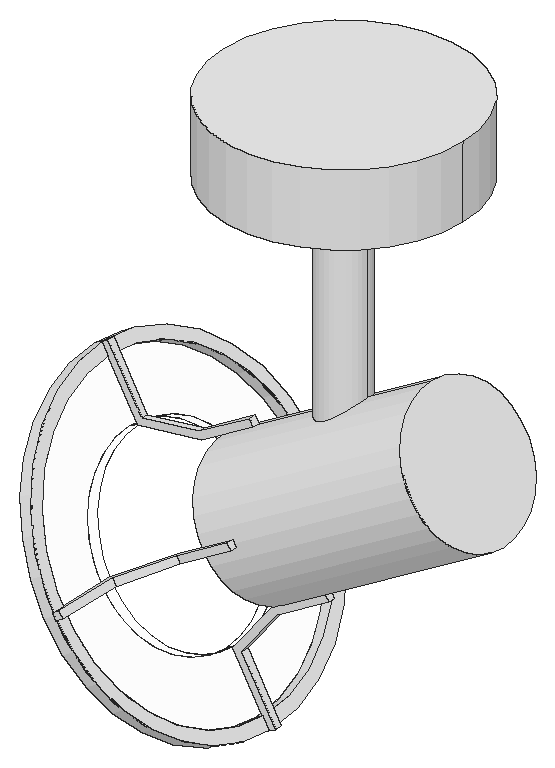
Revit family
Parameters
  lens = Glass
  lamphoekdown [instance] = 30.00°
  lamp symbool lengte = 3048 mm
  frontje = armatuur
  armatuur = armatuur
  Emit Shape Visible in Rendering = no
  Creator = "www.revitlog.nl"
Reference planes
  plane 1 "Center (Front/Back)": y = 0
  plane 2: z = 0
  plane 3 "Center (Left/Right)": x = 0
  plane 4: z = 1500
  plane 5: z = 1650
Forms (mm)
  Extrusion 1, solid, material "armatuur" <- "armatuur"
    sketch origin (-439.863, -1524, 1650) x (-1, 0, 0) y (0, -1, 0)
      loop
        circle (-439.863, -1524) r 50
    from 0 to -30
  Extrusion 2, solid, material "armatuur" <- "armatuur"
    sketch origin (-439.863, -1524, 1650) x (-1, 0, 0) y (0, -1, 0)
      loop
        circle (-439.863, -1524) r 10
    from -30 to -131.776
Lines and regions (mm)
  reference lines
    curve 1: line (0, 0, 1500) -> (-814.064, 0, 1030)
Dimensions and locks
  plane 5 to plane 4 = 150 mm
  "lamphoekdown": angle plane 4 to curve 1
Automatic sketch dimensions
  curve 1 to plane 3 "Center (Left/Right)" = 0 mm
  curve 1 to plane 4 = 0 mm
  Extrusion 1 sketch curve to plane 1 "Center (Front/Back)" = 0 mm
  Extrusion 1 sketch curve to plane 3 "Center (Left/Right)" = 0 mm
  Extrusion 2 sketch curve to plane 1 "Center (Front/Back)" = 0 mm
  Extrusion 2 sketch curve to plane 3 "Center (Left/Right)" = 0 mm
  radius of Extrusion 1 sketch curve = 50 mm
  radius of Extrusion 2 sketch curve = 10 mm
Nested families
  nested 1: "spot" at (0, 1500, 1500) x (0.866, 0, 0.5) z (0, -1, 0), type "spot"
Definition of nested family "spot"
  Parameters (values of type "spot")
    lens = Glass
    frontje = armatuur
    armatuur = armatuur
    Wattage = 10.0982 W
    built-in parameter 1150110 = 1 (stored number, unit not read)
    built-in parameter 1114217 = 1 (stored number, unit not read)
    Tilt Angle = 0.00°
    built-in parameter 1150109 = 1 (stored number, unit not read)
    built-in parameter 1150134 = (empty or 0)
    built-in parameter 1150113 = 1 (stored number, unit not read)
    built-in parameter 1010507 = 1.3963 (stored number, unit not read)
    built-in parameter 1010506 = 0.69813 (stored number, unit not read)
    Lumens = 1500 lm
    built-in parameter 1150115 = 1 (stored number, unit not read)
    built-in parameter 1150105 = 5269.1 (stored number, unit not read)
    Light Source Symbol Length = 3048 mm
    built-in parameter 1150137 = (empty or 0)
    built-in parameter 1150139 = (empty or 0)
    built-in parameter 1150112 = 1 (stored number, unit not read)
    built-in parameter 1150114 = 1 (stored number, unit not read)
    built-in parameter 1150132 = 2
    built-in parameter 1150102 = (empty or 0)
    built-in parameter 1150138 = (empty or 0)
    built-in parameter 1150107 = 3000 (stored number, unit not read)
    built-in parameter 1150106 = 52.691 (stored number, unit not read)
    built-in parameter 1150104 = 13.8 (stored number, unit not read)
    Dimming Lamp Color Temperature Shift = (empty or 0)
    Default Elevation = 0 mm
    Color Filter = 16777215
    built-in parameter 1114218 = 1 (stored number, unit not read)
    built-in parameter 1150133 = 10 (stored number, unit not read)
    Assembly Code = ""
  Reference planes
    plane 1 "Light Source Axis (F/B)": y = 0
    plane 2: z = 0
    plane 3 "Light Source Axis (L/R)": x = 0
    plane 4 "Light Source Elevation": z = 1500
    plane 5: x = 60
    plane 6: x = -40
    plane 7: x = 55
    plane 8: x = -80
    plane 9: z = 1570
    plane 10: z = 1430
    plane 11: y = 70
    plane 12: y = -70
  Forms (mm)
    Extrusion 1, solid, material "armatuur" <- "armatuur"
      sketch origin (0, 0, 1500) x (0, -1, 0) y (0, 0, 1)
        loop
          circle (0, 0) r 30
      from -60 to 40
    Extrusion 2, void
      sketch origin (0, 0, 1500) x (0, -1, 0) y (0, 0, 1)
        loop
          circle (0, 0) r 27
      from -55 to 40
    Extrusion 3, solid, material "armatuur" <- "frontje"
      sketch origin (-80, -5000, 1614.638) x (0, 0, 1) y (0, -1, 0)
        loop
          circle (-114.638, -5000) r 70
        loop
          circle (-114.638, -5000) r 65
      from 0 to 5
    Extrusion 4, solid, material "Glass" <- "lens"
      sketch origin (-80, -5000, 1614.638) x (0, 0, 1) y (0, -1, 0)
        loop
          circle (-114.638, -5000) r 65
        loop
          circle (-114.638, -5000) r 40
      from 0 to 5
    Extrusion 5, solid, material "armatuur" <- "armatuur"
      sketch origin (10, 0, 1500) x (0, 0, 1) y (1, 0, 0)
        loop
          line (-30, -60) -> (-30, -35) -> (-33, -35) -> (-33, -59.422) -> (-42.031, -82) -> (-70, -82) -> (-70, -85) -> (-40, -85) -> (-30, -60)
      from -1.5 to 1.5
    Extrusion 6, solid, material "armatuur" <- "armatuur"
      sketch origin (10, 0, 1500) x (0, 0, -1) y (-1, 0, 0)
        loop
          line (-30, 60) -> (-40, 85) -> (-70, 85) -> (-70, 82) -> (-42.031, 82) -> (-33, 59.422) -> (-33, 35) -> (-30, 35) -> (-30, 60)
      from -1.5 to 1.5
    Extrusion 7, solid, material "armatuur" <- "armatuur"
      sketch origin (10, 0, 1500) x (1, 0, 0) y (0, -1, 0)
        loop
          line (-60, 30) -> (-35, 30) -> (-35, 33) -> (-59.422, 33) -> (-82, 42.031) -> (-82, 70) -> (-85, 70) -> (-85, 40) -> (-60, 30)
      from -1.5 to 1.5
    Extrusion 8, solid, material "armatuur" <- "armatuur"
      sketch origin (10, 0, 1500) x (-1, 0, 0) y (0, 1, 0)
        loop
          line (60, 30) -> (85, 40) -> (85, 70) -> (82, 70) -> (82, 42.031) -> (59.422, 33) -> (35, 33) -> (35, 30) -> (60, 30)
      from -1.5 to 1.5
  Cuts and joins
    Extrusion 2 cuts Extrusion 1
  Dimensions and locks
    plane 5 to plane 3 "Light Source Axis (L/R)" to plane 6 = 60 mm locked, 40 mm locked
    locked: plane 5 to plane 7 at 5
    locked: imposter light to plane 8 at 80
    aligned and locked: imposter light to plane 3 "Light Source Axis (L/R)"
    aligned and locked: plane 1 "Light Source Axis (F/B)" to imposter light
    aligned and locked: plane 4 "Light Source Elevation" to imposter light
    aligned and locked: Extrusion 1 to plane 6
    aligned and locked: plane 5 to Extrusion 1
    aligned and locked: Extrusion 1 to Extrusion 2
    aligned and locked: plane 7 to Extrusion 2
